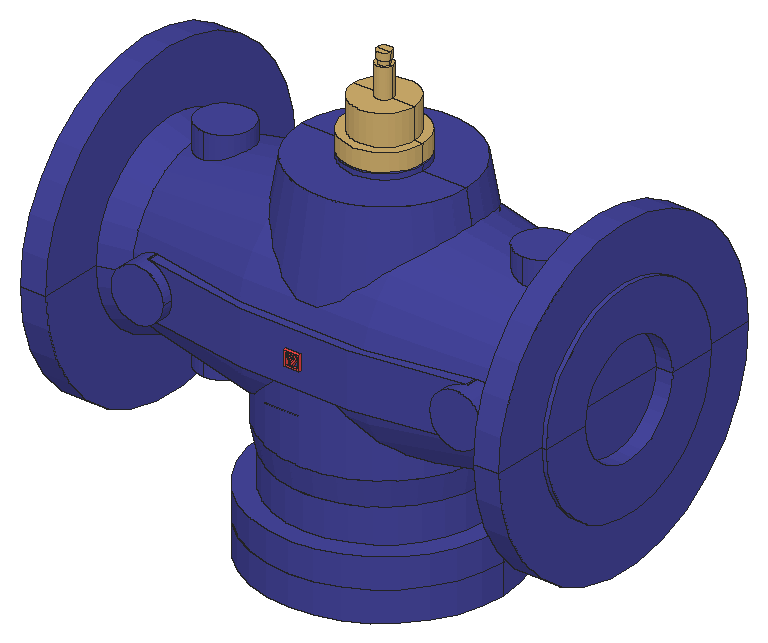
Revit family "Regelventil 4035_PN16", category Rohrzubehör, Revit 2019
Family settings
  Bemaßung runder Anschluss = Durchmesser verwenden
  Teiletyp = Unterbricht
  OmniClass-Nummer = 23.65.55.14
  OmniClass-Titel = Valves for Liquid Services
  Arbeitsebenenbasiert = Nein
  Immer vertikal = Ja
  Beim Laden mit Abzugskörper schneiden = Nein
  Gemeinsam genutzt = Nein
Parameters (values of type "kvs63")
  kvs63 = yes
  kvs6.3 = no
  kvs40 = no
  kvs4 = no
  kvs330 = no
  kvs250 = no
  kvs25 = no
  kvs2.5 = no
  kvs160 = no
  kvs16 = no
  kvs100 = no
  kvs10 = no
  kvs1.6 = no
  kvs1 = no
  Ventilsitz = "WN1.4021"  # constant formula
  Ventilkegel = "WN1.4021/Messing"  # constant formula
  Ventilcharakterisitk = "gleichprozentig"  # constant formula
  URL = "www.herz-armaturen.at"
  Spindel = "WN1.4404"  # constant formula
  SCTWSEQ = "FW;SBT_TYP_FW=\"101\";2"
  SCTWCODE = "04;05;02"  # constant formula
  SCRNSEQ = "ARM;ARM_TYP=\"DURR\";2"
  SCRNCODE = "05;06;02"  # constant formula
  R14 = 4 mm  # constant formula
  R13 = 3 mm  # constant formula
  R12 = 5 mm  # constant formula
  R11 [instance] = size_lookup("4035_PN16", "R11", 18 mm, Nennweite)  # 18 mm
  R10 [instance] = size_lookup("4035_PN16", "R10", 23 mm, Nennweite)  # 23 mm
  R09 [instance] = size_lookup("4035_PN16", "R9", 49 mm, Nennweite)  # 49 mm
  R08 [instance] = R00 + 3 mm  # 68 mm
  R07 [instance] = size_lookup("4035_PN16", "R7", 15.5 mm, Nennweite)  # 15.5 mm
  R06 [instance] = size_lookup("4035_PN16", "R6", 15.5 mm, Nennweite)  # 15.5 mm
  R05 [instance] = size_lookup("4035_PN16", "R5", 62.5 mm, Nennweite)  # 62.5 mm
  R04 [instance] = size_lookup("4035_PN16", "R4", 59.5 mm, Nennweite)  # 59.5 mm
  R03 [instance] = size_lookup("4035_PN16", "R3", 43 mm, Nennweite)  # 71 mm
  R02 [instance] = size_lookup("4035_PN16", "R2", 43 mm, Nennweite)  # 43 mm
  R01 [instance] = size_lookup("4035_PN16", "R1", 55.5 mm, Nennweite)  # 55.5 mm
  R00 [instance] = size_lookup("4035_PN16", "R", 65 mm, Nennweite)  # 65 mm
  PN = 16  # constant formula
  Nennweite [instance] = 65 mm
  Min. Betriebstemperatur = 5 °C
  Medium = "Wasserbeschaffenheit gemäß ÖNORM H 5195 und VDI 2035."
  Max. Betriebstemperatur = 150 °C
  Max. Betriebsdruck = 1600000.0 Pa
  LO1 [instance] = size_lookup("4035_PN16", "LO1", 28.5 mm, Nennweite)  # 68 mm
  L07 [instance] = L06 - R06  # 94.5 mm
  L06 [instance] = size_lookup("4035_PN16", "L6", 110 mm, Nennweite)  # 110 mm
  L05 [instance] = D00  # 92.5 mm
  L03 = 10 mm  # constant formula
  L02 [instance] = size_lookup("4035_PN16", "L2", 15 mm, Nennweite)  # 15 mm
  L01 = 3 mm  # constant formula
  L00 [instance] = size_lookup("4035_PN16", "L", 145 mm, Nennweite)  # 145 mm
  Hersteller = "Herz-Armaturen GmbH"  # constant formula
  H18 [instance] = 17.5 mm  # constant formula
  H15 = 4 mm  # constant formula
  H14 [instance] = size_lookup("4035_PN16", "H14", 17 mm, Nennweite)  # 17 mm
  H13 [instance] = size_lookup("4035_PN16", "H13", 18 mm, Nennweite)  # 18 mm
  H12 [instance] = size_lookup("4035_PN16", "H12", 10.5 mm, Nennweite)  # 10.5 mm
  H11 [instance] = size_lookup("4035_PN16", "H11", 52.5 mm, Nennweite)  # 52.5 mm
  H10 [instance] = size_lookup("4035_PN16", "H10", 135.4 mm, Nennweite)  # 135.4 mm
  H09 = 3 mm  # constant formula
  H08 [instance] = size_lookup("4035_PN16", "H8", 79 mm, Nennweite)  # 79 mm
  H07 [instance] = R00  # 65 mm
  H06 [instance] = size_lookup("4035_PN16", "H6", 59 mm, Nennweite)  # 59 mm
  H05 [instance] = size_lookup("4035_PN16", "H5", 20 mm, Nennweite)  # 20 mm
  H04 [instance] = size_lookup("4035_PN16", "H4", 17 mm, Nennweite)  # 17 mm
  H02 [instance] = size_lookup("4035_PN16", "H2", 38 mm, Nennweite)  # 38 mm
  H03 [instance] = size_lookup("4035_PN16", "H3", 112 mm, Nennweite)  # 112 mm
  H01 [instance] = size_lookup("4035_PN16", "H1", 14 mm, Nennweite)  # 18 mm
  Gewicht [instance] = size_lookup("4035_PN16", "Gewicht", 25, Nennweite)  # 25
  Gehäuse = "EN-GJL-250 (EN 1561)"  # constant formula
  Dichtungsmaterial = "70EPDM"  # constant formula
  DN80 [instance] = Nennweite = 80 mm  # no
  DN65 [instance] = Nennweite = 65 mm  # yes
  DN50 [instance] = Nennweite = 50 mm  # no
  DN40 [instance] = Nennweite = 40 mm  # no
  DN32 [instance] = Nennweite = 32 mm  # no
  DN25 [instance] = Nennweite = 25 mm  # no
  DN150 [instance] = Nennweite = 150 mm  # no
  DN15 [instance] = Nennweite = 15 mm  # no
  DN125 [instance] = Nennweite = 125 mm  # no
  DN100 [instance] = Nennweite = 100 mm  # no
  D02 [instance] = Nennweite / 2  # 32.5 mm
  D01 [instance] = size_lookup("4035_PN16", "D1", 61 mm, Nennweite)  # 61 mm
  D00 [instance] = size_lookup("4035_PN16", "D", 92.5 mm, Nennweite)  # 92.5 mm
  Bestellnummer [instance] = if(and(kvs1, Nennweite = 15 mm), 403501, if(and(kvs1.6, Nennweite = 15 mm), 403511, if(and(kvs2.5, Nennweite = 15 mm), 403521, if(and(kvs4, Nennweite = 15 mm), 403531, if(and(kvs6.3, Nennweite = 25 mm), 403503, if(and(kvs10, Nennweite = 25 mm), 403513, if(and(kvs16, Nennweite = 32 mm), 403504, if(and(kvs25, Nennweite = 40 mm), 403505, if(and(kvs40, Nennweite = 50 mm), 403516, if(and(kvs63, Nennweite = 65 mm), 403507, if(and(kvs100, Nennweite = 80 mm), 403508, if(and(kvs160, Nennweite = 100 mm), 403509, if(and(kvs250, Nennweite = 125 mm), 403510, if(and(kvs330, Nennweite = 150 mm), 403541, 0))))))))))))))  # 403507
  Description = ""
  Anwendungsgebiet = "Das Ventil kann in nahezu allen Heizungs-, Lüftungs- und Klimaanlagen sowie für industrielle und technologische\r\nProzesse eingesetzt werden. Das 3-Wege-Flanschventil ist als Mischventil konzipiert. Es kann zum Mischen oder\r\nzur Umschaltung zwischen zwei eintretenden Mediumsströmen verwendet werden. Die Ventilcharakteristik ist\r\ngleichprozentig. Das Regelungsverhältnis (Verhältnis zwischen nominalem und minimalem Durchfluss) beträgt 30:1. Die\r\nAuswahl des Dreiwege-Flanschventils erfolgt entsprechend dem Diagramm über die kvs-Werte."
  Anschlussflansch = "EN 1092-2"  # constant formula
Types (15, lengths in mm): name | kvs63 | kvs6.3 | kvs40 | kvs4 | kvs330 | kvs250 | kvs25 | kvs2.5 | kvs160 | kvs16 | kvs100 | kvs10 | kvs1.6 | kvs1 | R11 | R10 | R09 | R08 | R07 | R06 | R05 | R04 | R03 | R02 | R01 | R00 | Nennweite | LO1 | L07 | L06 | L05 | L02 | L00 | H14 | H13 | H12 | H11 | H10 | H08 | H07 | H06 | H05 | H04 | H02 | H03 | H01 | Gewicht | DN80 | DN65 | DN50 | DN40 | DN32 | DN25 | DN150 | DN15 | DN125 | DN100 | D02 | D01 | D00 | Bestellnummer | Anwendungsgebiet
  (no name) | yes | no | no | no | no | no | no | no | no | no | no | no | no | no | 18 | 23 | 49 | 68 | 15.5 | 15.5 | 62.5 | 59.5 | 71 | 43 | 55.5 | 65 | 65 | 68 | 94.5 | 110 | 92.5 | 15 | 145 | 17 | 18 | 10.5 | 52.5 | 135.4 | 79 | 65 | 59 | 20 | 17 | 38 | 112 | 18 | 25 | no | yes | no | no | no | no | no | no | no | no | 32.5 | 61 | 92.5 | 403507 | "Das Ventil kann in nahezu allen Heizungs-, Lüftungs- und Klimaanlagen sowie für industrielle und technologische\r\nProzesse eingesetzt werden. Das 3-Wege-Flanschventil ist als Mischventil konzipiert. Es kann zum Mischen oder\r\nzur Umschaltung zwischen zwei eintretenden Mediumsströmen verwendet werden. Die Ventilcharakteristik ist\r\ngleichprozentig. Das Regelungsverhältnis (Verhältnis zwischen nominalem und minimalem Durchfluss) beträgt 30:1. Die\r\nAuswahl des Dreiwege-Flanschventils erfolgt entsprechend dem Diagramm über die kvs-Werte."
  kvs1 | no | no | no | no | no | no | no | no | no | no | no | no | no | yes | 10 | 15 | 19.5 | 29.5 | 6 | 6 | 24 | 21 | 32.5 | 14 | 17 | 26.5 | 15 | 27.5 | 34 | 40 | 47.5 | 11 | 65 | 13 | 14 | 6.8 | 40.8 | 80.3 | 36.5 | 26.5 | 24.5 | 5 | 13 | 11 | 49 | 14 | 5 | no | no | no | no | no | no | no | yes | no | no | 7.5 | 22.5 | 47.5 | 403501 | "Das Ventil kann in nahezu allen Heizungs-, Lüftungs- und Klimaanlagen sowie in industriellen und technologischen\r\nProzessen eingesetzt werden. Die Ventilcharakteristik ist gleichprozentig. Das Regelungsverhältnis (Verhältnis\r\nzwischen nominalem und minimalem Durchfluss) beträgt 30:1. Die Auswahl des 2-Wege-Flanschventils erfolgt mittels\r\nentsprechendem Diagramm über die kvs-Werte."
  kvs1.6 | no | no | no | no | no | no | no | no | no | no | no | no | yes | no | 10 | 15 | 19.5 | 29.5 | 6 | 6 | 24 | 21 | 32.5 | 14 | 17 | 26.5 | 15 | 27.5 | 34 | 40 | 47.5 | 11 | 65 | 13 | 14 | 6.8 | 40.8 | 80.3 | 36.5 | 26.5 | 24.5 | 5 | 13 | 11 | 49 | 14 | 5 | no | no | no | no | no | no | no | yes | no | no | 7.5 | 22.5 | 47.5 | 403511 | "Das Ventil kann in nahezu allen Heizungs-, Lüftungs- und Klimaanlagen sowie für industrielle und technologische\r\nProzesse eingesetzt werden. Das 3-Wege-Flanschventil ist als Mischventil konzipiert. Es kann zum Mischen oder\r\nzur Umschaltung zwischen zwei eintretenden Mediumsströmen verwendet werden. Die Ventilcharakteristik ist\r\ngleichprozentig. Das Regelungsverhältnis (Verhältnis zwischen nominalem und minimalem Durchfluss) beträgt 30:1. Die\r\nAuswahl des Dreiwege-Flanschventils erfolgt entsprechend dem Diagramm über die kvs-Werte."
  kvs2.5 | no | no | no | no | no | no | no | yes | no | no | no | no | no | no | 10 | 15 | 19.5 | 29.5 | 6 | 6 | 24 | 21 | 32.5 | 14 | 17 | 26.5 | 15 | 27.5 | 34 | 40 | 47.5 | 11 | 65 | 13 | 14 | 6.8 | 40.8 | 80.3 | 36.5 | 26.5 | 24.5 | 5 | 13 | 11 | 49 | 14 | 5 | no | no | no | no | no | no | no | yes | no | no | 7.5 | 22.5 | 47.5 | 403521 | "Das Ventil kann in nahezu allen Heizungs-, Lüftungs- und Klimaanlagen sowie für industrielle und technologische\r\nProzesse eingesetzt werden. Das 3-Wege-Flanschventil ist als Mischventil konzipiert. Es kann zum Mischen oder\r\nzur Umschaltung zwischen zwei eintretenden Mediumsströmen verwendet werden. Die Ventilcharakteristik ist\r\ngleichprozentig. Das Regelungsverhältnis (Verhältnis zwischen nominalem und minimalem Durchfluss) beträgt 30:1. Die\r\nAuswahl des Dreiwege-Flanschventils erfolgt entsprechend dem Diagramm über die kvs-Werte."
  kvs4 | no | no | no | yes | no | no | no | no | no | no | no | no | no | no | 10 | 15 | 19.5 | 29.5 | 6 | 6 | 24 | 21 | 32.5 | 14 | 17 | 26.5 | 15 | 27.5 | 34 | 40 | 47.5 | 11 | 65 | 13 | 14 | 6.8 | 40.8 | 80.3 | 36.5 | 26.5 | 24.5 | 5 | 13 | 11 | 49 | 14 | 5 | no | no | no | no | no | no | no | yes | no | no | 7.5 | 22.5 | 47.5 | 403531 | "Das Ventil kann in nahezu allen Heizungs-, Lüftungs- und Klimaanlagen sowie für industrielle und technologische\r\nProzesse eingesetzt werden. Das 3-Wege-Flanschventil ist als Mischventil konzipiert. Es kann zum Mischen oder\r\nzur Umschaltung zwischen zwei eintretenden Mediumsströmen verwendet werden. Die Ventilcharakteristik ist\r\ngleichprozentig. Das Regelungsverhältnis (Verhältnis zwischen nominalem und minimalem Durchfluss) beträgt 30:1. Die\r\nAuswahl des Dreiwege-Flanschventils erfolgt entsprechend dem Diagramm über die kvs-Werte."
  kvs6.3 | no | yes | no | no | no | no | no | no | no | no | no | no | no | no | 10 | 15 | 19.5 | 41 | 7 | 7 | 35.5 | 32.5 | 44 | 19.5 | 28.5 | 38 | 25 | 40 | 45 | 52 | 57.5 | 13 | 80 | 13 | 14 | 6.8 | 40.8 | 88.3 | 44.5 | 38 | 35 | 5 | 15 | 3 | 64 | 16 | 8 | no | no | no | no | no | yes | no | no | no | no | 12.5 | 34 | 57.5 | 403503 | "Das Ventil kann in nahezu allen Heizungs-, Lüftungs- und Klimaanlagen sowie für industrielle und technologische\r\nProzesse eingesetzt werden. Das 3-Wege-Flanschventil ist als Mischventil konzipiert. Es kann zum Mischen oder\r\nzur Umschaltung zwischen zwei eintretenden Mediumsströmen verwendet werden. Die Ventilcharakteristik ist\r\ngleichprozentig. Das Regelungsverhältnis (Verhältnis zwischen nominalem und minimalem Durchfluss) beträgt 30:1. Die\r\nAuswahl des Dreiwege-Flanschventils erfolgt entsprechend dem Diagramm über die kvs-Werte."
  kvs10 | no | no | no | no | no | no | no | no | no | no | no | yes | no | no | 10 | 15 | 19.5 | 41 | 7 | 7 | 35.5 | 32.5 | 44 | 19.5 | 28.5 | 38 | 25 | 40 | 45 | 52 | 57.5 | 13 | 80 | 13 | 14 | 6.8 | 40.8 | 88.3 | 44.5 | 38 | 35 | 5 | 15 | 3 | 64 | 16 | 8 | no | no | no | no | no | yes | no | no | no | no | 12.5 | 34 | 57.5 | 403513 | "Das Ventil kann in nahezu allen Heizungs-, Lüftungs- und Klimaanlagen sowie für industrielle und technologische\r\nProzesse eingesetzt werden. Das 3-Wege-Flanschventil ist als Mischventil konzipiert. Es kann zum Mischen oder\r\nzur Umschaltung zwischen zwei eintretenden Mediumsströmen verwendet werden. Die Ventilcharakteristik ist\r\ngleichprozentig. Das Regelungsverhältnis (Verhältnis zwischen nominalem und minimalem Durchfluss) beträgt 30:1. Die\r\nAuswahl des Dreiwege-Flanschventils erfolgt entsprechend dem Diagramm über die kvs-Werte."
  kvs16 | no | no | no | no | no | no | no | no | no | yes | no | no | no | no | 10 | 15 | 20.5 | 46 | 9 | 9 | 40.5 | 37.5 | 49 | 24.5 | 33.5 | 43 | 32 | 45 | 51 | 60 | 70 | 13 | 90 | 17 | 18 | 10.5 | 52.5 | 102 | 46.5 | 43 | 39 | 15 | 15 | 4 | 84 | 16 | 11.5 | no | no | no | no | yes | no | no | no | no | no | 16 | 39 | 70 | 403504 | "Das Ventil kann in nahezu allen Heizungs-, Lüftungs- und Klimaanlagen sowie für industrielle und technologische\r\nProzesse eingesetzt werden. Das 3-Wege-Flanschventil ist als Mischventil konzipiert. Es kann zum Mischen oder\r\nzur Umschaltung zwischen zwei eintretenden Mediumsströmen verwendet werden. Die Ventilcharakteristik ist\r\ngleichprozentig. Das Regelungsverhältnis (Verhältnis zwischen nominalem und minimalem Durchfluss) beträgt 30:1. Die\r\nAuswahl des Dreiwege-Flanschventils erfolgt entsprechend dem Diagramm über die kvs-Werte."
  kvs25 | no | no | no | no | no | no | yes | no | no | no | no | no | no | no | 10 | 15 | 20.5 | 51 | 12 | 12 | 45.5 | 42.5 | 54 | 29 | 38.5 | 48 | 40 | 50 | 56 | 68 | 75 | 13 | 100 | 17 | 18 | 10.5 | 52.5 | 112 | 56.5 | 48 | 43 | 20 | 15 | 1 | 94 | 16 | 13 | no | no | no | yes | no | no | no | no | no | no | 20 | 44 | 75 | 403505 | "Das Ventil kann in nahezu allen Heizungs-, Lüftungs- und Klimaanlagen sowie für industrielle und technologische\r\nProzesse eingesetzt werden. Das 3-Wege-Flanschventil ist als Mischventil konzipiert. Es kann zum Mischen oder\r\nzur Umschaltung zwischen zwei eintretenden Mediumsströmen verwendet werden. Die Ventilcharakteristik ist\r\ngleichprozentig. Das Regelungsverhältnis (Verhältnis zwischen nominalem und minimalem Durchfluss) beträgt 30:1. Die\r\nAuswahl des Dreiwege-Flanschventils erfolgt entsprechend dem Diagramm über die kvs-Werte."
  kvs63 | yes | no | no | no | no | no | no | no | no | no | no | no | no | no | 18 | 23 | 49 | 68 | 15.5 | 15.5 | 62.5 | 59.5 | 71 | 43 | 55.5 | 65 | 65 | 68 | 94.5 | 110 | 92.5 | 15 | 145 | 17 | 18 | 10.5 | 52.5 | 135.4 | 79 | 65 | 59 | 20 | 17 | 38 | 112 | 18 | 25 | no | yes | no | no | no | no | no | no | no | no | 32.5 | 61 | 92.5 | 403507 | "Das Ventil kann in nahezu allen Heizungs-, Lüftungs- und Klimaanlagen sowie für industrielle und technologische\r\nProzesse eingesetzt werden. Das 3-Wege-Flanschventil ist als Mischventil konzipiert. Es kann zum Mischen oder\r\nzur Umschaltung zwischen zwei eintretenden Mediumsströmen verwendet werden. Die Ventilcharakteristik ist\r\ngleichprozentig. Das Regelungsverhältnis (Verhältnis zwischen nominalem und minimalem Durchfluss) beträgt 30:1. Die\r\nAuswahl des Dreiwege-Flanschventils erfolgt entsprechend dem Diagramm über die kvs-Werte."
  kvs100 | no | no | no | no | no | no | no | no | no | no | yes | no | no | no | 18 | 23 | 49 | 76 | 15.5 | 15.5 | 70.5 | 67.5 | 79 | 51 | 63.5 | 73 | 80 | 77 | 99.5 | 115 | 100 | 17 | 155 | 17 | 18 | 10.5 | 52.5 | 168.5 | 113 | 73 | 65 | 20 | 19 | 46 | 125 | 20 | 31 | yes | no | no | no | no | no | no | no | no | no | 40 | 69 | 100 | 403508 | "Das Ventil kann in nahezu allen Heizungs-, Lüftungs- und Klimaanlagen sowie für industrielle und technologische\r\nProzesse eingesetzt werden. Das 3-Wege-Flanschventil ist als Mischventil konzipiert. Es kann zum Mischen oder\r\nzur Umschaltung zwischen zwei eintretenden Mediumsströmen verwendet werden. Die Ventilcharakteristik ist\r\ngleichprozentig. Das Regelungsverhältnis (Verhältnis zwischen nominalem und minimalem Durchfluss) beträgt 30:1. Die\r\nAuswahl des Dreiwege-Flanschventils erfolgt entsprechend dem Diagramm über die kvs-Werte."
  kvs160 | no | no | no | no | no | no | no | no | yes | no | no | no | no | no | 30 | 35 | 61 | 86 | 20.5 | 20.5 | 80.5 | 77.5 | 89 | 61 | 73.5 | 83 | 100 | 88 | 112.5 | 133 | 110 | 17 | 175 | 21 | 22 | 14.2 | 64.2 | 189.7 | 122.5 | 83 | 73 | 25 | 19 | 65 | 135 | 20 | 46 | no | no | no | no | no | no | no | no | no | yes | 50 | 79 | 110 | 403509 | "Das Ventil kann in nahezu allen Heizungs-, Lüftungs- und Klimaanlagen sowie für industrielle und technologische\r\nProzesse eingesetzt werden. Das 3-Wege-Flanschventil ist als Mischventil konzipiert. Es kann zum Mischen oder\r\nzur Umschaltung zwischen zwei eintretenden Mediumsströmen verwendet werden. Die Ventilcharakteristik ist\r\ngleichprozentig. Das Regelungsverhältnis (Verhältnis zwischen nominalem und minimalem Durchfluss) beträgt 30:1. Die\r\nAuswahl des Dreiwege-Flanschventils erfolgt entsprechend dem Diagramm über die kvs-Werte."
  kvs250 | no | no | no | no | no | yes | no | no | no | no | no | no | no | no | 30 | 35 | 61 | 101 | 20.5 | 20.5 | 95.5 | 92.5 | 104 | 76 | 88.5 | 98 | 125 | 103 | 134.5 | 155 | 125 | 19 | 200 | 21 | 22 | 14.2 | 64.2 | 231 | 163.5 | 98 | 80 | 30 | 21 | 44 | 158 | 21 | 72 | no | no | no | no | no | no | no | no | yes | no | 62.5 | 94 | 125 | 403510 | "Das Ventil kann in nahezu allen Heizungs-, Lüftungs- und Klimaanlagen sowie für industrielle und technologische\r\nProzesse eingesetzt werden. Das 3-Wege-Flanschventil ist als Mischventil konzipiert. Es kann zum Mischen oder\r\nzur Umschaltung zwischen zwei eintretenden Mediumsströmen verwendet werden. Die Ventilcharakteristik ist\r\ngleichprozentig. Das Regelungsverhältnis (Verhältnis zwischen nominalem und minimalem Durchfluss) beträgt 30:1. Die\r\nAuswahl des Dreiwege-Flanschventils erfolgt entsprechend dem Diagramm über die kvs-Werte."
  kvs330 | no | no | no | no | yes | no | no | no | no | no | no | no | no | no | 30 | 35 | 61 | 113 | 20.5 | 20.5 | 107.5 | 104.5 | 116 | 88 | 100.5 | 110 | 150 | 115 | 174.5 | 195 | 142.5 | 19 | 240 | 21 | 22 | 14.2 | 64.2 | 237.5 | 170 | 110 | 85 | 25 | 21 | 42 | 153 | 21 | 91 | no | no | no | no | no | no | yes | no | no | no | 75 | 106 | 142.5 | 403541 | "Das Ventil kann in nahezu allen Heizungs-, Lüftungs- und Klimaanlagen sowie für industrielle und technologische\r\nProzesse eingesetzt werden. Das 3-Wege-Flanschventil ist als Mischventil konzipiert. Es kann zum Mischen oder\r\nzur Umschaltung zwischen zwei eintretenden Mediumsströmen verwendet werden. Die Ventilcharakteristik ist\r\ngleichprozentig. Das Regelungsverhältnis (Verhältnis zwischen nominalem und minimalem Durchfluss) beträgt 30:1. Die\r\nAuswahl des Dreiwege-Flanschventils erfolgt entsprechend dem Diagramm über die kvs-Werte."
  Kvs40 | no | no | yes | no | no | no | no | no | no | no | no | no | no | no | 18 | 23 | 49 | 56 | 13.5 | 13.5 | 52.5 | 49.5 | 61 | 34 | 45.5 | 53 | 50 | 56 | 66.5 | 80 | 82.5 | 15 | 115 | 17 | 18 | 10.5 | 52.5 | 122 | 66.5 | 53 | 43 | 1 | 15 | 42 | 67 | 18 | 16 | no | no | yes | no | no | no | no | no | no | no | 25 | 51 | 82.5 | 403516 | "Das Ventil kann in nahezu allen Heizungs-, Lüftungs- und Klimaanlagen sowie in industriellen und technologischen\r\nProzessen eingesetzt werden. Die Ventilcharakteristik ist gleichprozentig. Das Regelungsverhältnis (Verhältnis\r\nzwischen nominalem und minimalem Durchfluss) beträgt 30:1. Die Auswahl des 2-Wege-Flanschventils erfolgt mittels\r\nentsprechendem Diagramm über die kvs-Werte."
Reference planes
  plane 1 "Mitte (Vorne/hinten)": y = 0
  plane 2: z = 0
  plane 3 "Mitte (Links/rechts)": x = 0
Forms (mm)
  Revolve 1, solid, material "kunststoff-BLAU", detail levels fine
    sketch origin (1065, 0, 0) x (1, 0, 0) y (0, 1, 0)
      loop
        line (-1207, 61) -> (-1210, 61) -> (-1210, 32.5) -> (-1200, 32.5) -> (-1200, 0) -> (-930, 0) -> (-930, 32.5) -> (-920, 32.5) -> (-920, 61) -> (-923, 61) -> (-923, 92.5) -> (-938, 92.5) -> (-938, 55.5) -> (-955, 49.943)
        arc (-955, 49.943) -> (-1065, 65) -> (-1175, 49.943) r 409.331
        line (-1175, 49.943) -> (-1192, 55.5) -> (-1192, 92.5) -> (-1207, 92.5) -> (-1207, 61)
      axis (-920, 0) -> (-1210, 0)
    angle from 0 to 360
  Extrusion 2, solid, material "kunststoff-BLAU", detail levels fine
    sketch origin (0, 0, 0) x (-1, 0, 0) y (0, 0, -1)
      loop
        circle (94.5, 0) r 15.5
      loop
        circle (-94.5, 0) r 15.5
    from -65 to 65
  Extrusion 3, solid, material "kunststoff-BLAU", visible <- "DN65", detail levels fine
    sketch origin (0, 0, 0) x (1, 0, 0) y (0, 1, 0)
      loop
        arc (-95, -56.907) -> (0, -68) -> (95, -56.907) r 412.331
        line (95, -56.907) -> (95, 56.907)
        arc (95, 56.907) -> (0, 68) -> (-95, 56.907) r 412.331
        line (-95, 56.907) -> (-95, -56.907)
    from -15.5 to 15.5
  Revolve 4, solid, material "kunststoff-BLAU", detail levels fine
    sketch origin (0, 0, 0) x (1, 0, 0) y (0, 0, 1)
      loop
        line (-49, 79) -> (-62.5, 0) -> (0, 0) -> (0, 82) -> (-23, 82) -> (-23, 79) -> (-49, 79)
      axis (0, 82) -> (0, 0)
    angle from 0 to 360
  Revolve 5, solid, material "kunststoff-BLAU", detail levels fine
    sketch origin (0, 0, 0) x (1, 0, 0) y (0, 0, 1)
      loop
        line (0, 0) -> (-62.5, 0) -> (-62.5, -59) -> (-59.5, -74.5) -> (-59.5, -94.5) -> (-71, -94.5) -> (-71, -112) -> (0, -112) -> (0, 0)
      axis (0, 0) -> (0, -112)
    angle from 0 to 360
  Revolve 6, solid, material "kunststoff-BLAU", detail levels fine
    sketch origin (0, 0, 0) x (1, 0, 0) y (0, 0, 1)
      loop
        line (0, -112) -> (-71, -112) -> (-71, -130) -> (0, -130) -> (0, -112)
      axis (0, -112) -> (0, -130)
    angle from 0 to 360
  Extrusion 7, solid, material "kunststoff-BLAU", detail levels fine
    sketch origin (0, 0, 0) x (0, -1, 0) y (1, 0, 0)
      loop
        circle (0, -94.5) r 15.5
      loop
        circle (0, 94.5) r 15.5
    from -65 to 65
  Extrusion 8, solid, material "kunststoff-BLAU", visible <- "DN150", detail levels fine
    sketch origin (0, 0, 0) x (1, 0, 0) y (0, 1, 0)
      loop
        arc (-179.5, -78.475) -> (0, -115) -> (179.5, -78.475) r 459.331
        line (179.5, -78.475) -> (179.5, 78.475)
        arc (179.5, 78.475) -> (0, 115) -> (-179.5, 78.475) r 459.331
        line (-179.5, 78.475) -> (-179.5, -78.475)
    from -20.5 to 20.5
  Extrusion 9, solid, material "kunststoff-BLAU", visible <- "DN125", detail levels fine
    sketch origin (0, 0, 0) x (1, 0, 0) y (0, 1, 0)
      loop
        arc (-134.5, -82.301) -> (0, -103) -> (134.5, -82.301) r 447.331
        line (134.5, -82.301) -> (134.5, 82.301)
        arc (134.5, 82.301) -> (0, 103) -> (-134.5, 82.301) r 447.331
        line (-134.5, 82.301) -> (-134.5, -82.301)
    from -20.5 to 20.5
  Extrusion 10, solid, material "kunststoff-BLAU", visible <- "DN100", detail levels fine
    sketch origin (0, 0, 0) x (1, 0, 0) y (0, 1, 0)
      loop
        arc (-112.5, -73.106) -> (0, -88) -> (112.5, -73.106) r 432.331
        line (112.5, -73.106) -> (112.5, 73.106)
        arc (112.5, 73.106) -> (0, 88) -> (-112.5, 73.106) r 432.331
        line (-112.5, 73.106) -> (-112.5, -73.106)
    from -20.5 to 20.5
  Extrusion 11, solid, material "kunststoff-BLAU", visible <- "DN80", detail levels fine
    sketch origin (0, 0, 0) x (1, 0, 0) y (0, 1, 0)
      loop
        line (99.5, -65.083) -> (99.5, 65.083)
        arc (99.5, 65.083) -> (0, 77) -> (-99.5, 65.083) r 421.331
        line (-99.5, 65.083) -> (-99.5, -65.083)
        arc (-99.5, -65.083) -> (0, -77) -> (99.5, -65.083) r 421.331
    from -15.5 to 15.5
  Extrusion 12, solid, material "kunststoff-BLAU", visible <- "DN50", detail levels fine
    sketch origin (0, 0, 0) x (1, 0, 0) y (0, 1, 0)
      loop
        arc (-66.5, -50.44) -> (0, -56.006) -> (66.5, -50.44) r 400.05
        line (66.5, -50.44) -> (66.5, 50.44)
        arc (66.5, 50.44) -> (0, 56.006) -> (-66.5, 50.44) r 400.05
        line (-66.5, 50.44) -> (-66.5, -50.44)
    from -13.5 to 13.5
  Extrusion 13, solid, material "kunststoff-BLAU", visible <- "DN40", detail levels fine
    sketch origin (0, 0, 0) x (1, 0, 0) y (0, 1, 0)
      loop
        arc (-56, -46.003) -> (0, -50) -> (56, -46.003) r 394.331
        line (56, -46.003) -> (56, 46.003)
        arc (56, 46.003) -> (0, 50) -> (-56, 46.003) r 394.331
        line (-56, 46.003) -> (-56, -46.003)
    from -12 to 12
  Extrusion 14, solid, material "kunststoff-BLAU", visible <- "DN32", detail levels fine
    sketch origin (0, 0, 0) x (1, 0, 0) y (0, 1, 0)
      loop
        arc (-51, -41.645) -> (0, -45) -> (51, -41.645) r 389.331
        line (51, -41.645) -> (51, 41.645)
        arc (51, 41.645) -> (0, 45) -> (-51, 41.645) r 389.331
        line (-51, 41.645) -> (-51, -41.645)
    from -9 to 9
  Extrusion 15, solid, material "kunststoff-BLAU", visible <- "DN25", detail levels fine
    sketch origin (0, 0, 0) x (1, 0, 0) y (0, 1, 0)
      loop
        line (45, -37.356) -> (45, 37.356)
        arc (45, 37.356) -> (0, 40) -> (-45, 37.356) r 384.331
        line (-45, 37.356) -> (-45, -37.356)
        arc (-45, -37.356) -> (0, -40) -> (45, -37.356) r 384.331
    from -7 to 7
  Extrusion 16, solid, material "kunststoff-BLAU", visible <- "DN15", detail levels fine
    sketch origin (0, 0, 0) x (1, 0, 0) y (0, 1, 0)
      loop
        line (-34, 25.942) -> (-34, -25.942)
        arc (-34, -25.942) -> (0, -27.5) -> (34, -25.942) r 371.831
        line (34, -25.942) -> (34, 25.942)
        arc (34, 25.942) -> (0, 27.5) -> (-34, 25.942) r 371.831
    from -6 to 6
  Revolve 17, solid, material "Messing-poliert", detail levels fine
    sketch origin (0, 0, 0) x (1, 0, 0) y (0, 0, 1)
      loop
        line (-23, 93.4) -> (-23, 82.9) -> (0, 82.9) -> (0, 135.4) -> (-4, 135.4) -> (-4, 131.4) -> (-3, 131.4) -> (-3, 128.4) -> (-5, 128.4) -> (-5, 111.4) -> (-18, 111.4) -> (-18, 93.4) -> (-23, 93.4)
      axis (0, 135.4) -> (0, 82.9)
    angle from 0 to 360
Lines and regions (mm)
  model lines, detail levels coarse+medium
    curve 1: line (145, 0, 92.5) -> (145, 0, -92.5)
    curve 2: line (145, 0, -92.5) -> (-145, 0, 92.5)
    curve 3: line (-145, 0, 92.5) -> (-145, 0, -92.5)
    curve 4: line (-145, 0, -92.5) -> (145, 0, 92.5)
    curve 5: line (145, 92.5, 0) -> (145, -92.5, 0)
    curve 6: line (145, -92.5, 0) -> (-145, 92.5, 0)
    curve 7: line (-145, 92.5, 0) -> (-145, -92.5, 0)
    curve 8: line (-145, -92.5, 0) -> (145, 92.5, 0)
Dimensions and locks
  "L00": Revolve 1 sketch curve to plane 3 "Mitte (Links/rechts)" to Revolve 1 sketch curve
  "D00": plane 1 "Mitte (Vorne/hinten)" to Revolve 1 sketch curve  (x2)
  "D02": plane 1 "Mitte (Vorne/hinten)" to Revolve 1 sketch curve  (x2)
  "L01": Revolve 1 sketch curve to Revolve 1 sketch curve  (x2)
  "L02": Revolve 1 sketch curve to Revolve 1 sketch curve  (x2)
  "D01": plane 1 "Mitte (Vorne/hinten)" to Revolve 1 sketch curve  (x2)
  "R01": plane 1 "Mitte (Vorne/hinten)" to Revolve 1 sketch curve  (x2)
  "R00": Revolve 1 sketch curve to Revolve 1 sketch curve
  "L03": Revolve 1 sketch curve to Revolve 1 sketch curve  (x2)
  "H01": Revolve 6 sketch curve to Revolve 6 sketch curve
  "R03": plane 3 "Mitte (Links/rechts)" to Revolve 6 sketch curve
  "R03": Revolve 5 sketch curve to Revolve 5 sketch curve
  "H03": plane 2 to Revolve 5 sketch curve
  "H06": Revolve 5 sketch curve to Revolve 5 sketch curve
  "R04": Revolve 5 sketch curve to Revolve 5 sketch curve
  "R05": Revolve 5 sketch curve to Revolve 5 sketch curve
  "H05": Revolve 5 sketch curve to Revolve 5 sketch curve
  "L06": Revolve 1 sketch curve to plane 3 "Mitte (Links/rechts)" to Revolve 1 sketch curve
  "H03": plane 2 to Revolve 6 sketch curve
  "R09": Revolve 4 sketch curve to Revolve 4 sketch curve
  "R05": Revolve 4 sketch curve to Revolve 4 sketch curve
  "H07": Extrusion 7 to plane 2 to Extrusion 7  (x2)
  "L07": plane 3 "Mitte (Links/rechts)" to Extrusion 7 sketch curve
  "L07": Extrusion 7 sketch curve to plane 3 "Mitte (Links/rechts)"
  "H07": Extrusion 2 to plane 1 "Mitte (Vorne/hinten)"  (x3)
  "L07": plane 3 "Mitte (Links/rechts)" to Extrusion 2 sketch curve
  "L07": Extrusion 2 sketch curve to plane 3 "Mitte (Links/rechts)"
  "H07": plane 1 "Mitte (Vorne/hinten)" to Extrusion 2
  "H08": Revolve 4 sketch curve to plane 2
  "H09": Revolve 4 sketch curve to Revolve 4 sketch curve
  "R10": plane 3 "Mitte (Links/rechts)" to Revolve 4 sketch curve
  "H11": Revolve 17 sketch curve to Revolve 17 sketch curve
  "H10": Revolve 17 sketch curve to plane 2
  "R10": plane 3 "Mitte (Links/rechts)" to Revolve 17 sketch curve
  "H12": Revolve 17 sketch curve to Revolve 17 sketch curve
  "H13": Revolve 17 sketch curve to Revolve 17 sketch curve
  "H14": Revolve 17 sketch curve to Revolve 17 sketch curve
  "H15": Revolve 17 sketch curve to Revolve 17 sketch curve
  "R14": plane 3 "Mitte (Links/rechts)" to Revolve 17 sketch curve
  "R13": plane 3 "Mitte (Links/rechts)" to Revolve 17 sketch curve
  "R11": plane 3 "Mitte (Links/rechts)" to Revolve 17 sketch curve
  "R12": plane 3 "Mitte (Links/rechts)" to Revolve 17 sketch curve
  "LO1": nested 1 to plane 1 "Mitte (Vorne/hinten)"
  "H18": Revolve 5 sketch curve to Revolve 6
  "D00": curve 3 to plane 2 to curve 4
  "D00": curve 4 to plane 2 to curve 2
  "L00": curve 3 to plane 3 "Mitte (Links/rechts)" to curve 1
  "D00": curve 8 to plane 1 "Mitte (Vorne/hinten)" to curve 7
  "D00": curve 5 to plane 1 "Mitte (Vorne/hinten)" to curve 8
  "L00": curve 7 to plane 3 "Mitte (Links/rechts)" to curve 5
  "R06": radius of Extrusion 7 sketch curve  (x2)
  "R07": radius of Extrusion 2 sketch curve  (x2)
  aligned and locked: level to plane 2
Automatic sketch dimensions
  Extrusion 3 sketch curve to plane 1 "Mitte (Vorne/hinten)" = 56.907 mm  (x2)
  Extrusion 3 sketch curve to plane 3 "Mitte (Links/rechts)" = 0 mm  (x2)
  Extrusion 3 sketch curve to Extrusion 3 sketch curve = 113.814 mm
  Extrusion 3 sketch curve to Extrusion 3 sketch curve = 287.425 mm
  Extrusion 3 sketch curve to plane 1 "Mitte (Vorne/hinten)" = 344.331 mm
  plane 3 "Mitte (Links/rechts)" to Extrusion 3 sketch curve = 95 mm
  Extrusion 8 sketch curve to plane 3 "Mitte (Links/rechts)" = 0 mm  (x2)
  Extrusion 8 sketch curve to plane 1 "Mitte (Vorne/hinten)" = 78.475 mm  (x2)
  plane 1 "Mitte (Vorne/hinten)" to Extrusion 8 sketch curve = 78.475 mm
  Extrusion 8 sketch curve to plane 3 "Mitte (Links/rechts)" = 179.5 mm
  Extrusion 8 sketch curve to Extrusion 8 sketch curve = 265.857 mm
  Extrusion 8 sketch curve to plane 1 "Mitte (Vorne/hinten)" = 344.331 mm
  plane 3 "Mitte (Links/rechts)" to Extrusion 9 sketch curve = 134.5 mm
  plane 1 "Mitte (Vorne/hinten)" to Extrusion 9 sketch curve = 82.301 mm  (x2)
  Extrusion 9 sketch curve to plane 3 "Mitte (Links/rechts)" = 0 mm  (x2)
  Extrusion 9 sketch curve to Extrusion 9 sketch curve = 262.031 mm  (x2)
  Extrusion 9 sketch curve to plane 1 "Mitte (Vorne/hinten)" = 82.301 mm
  Extrusion 10 sketch curve to plane 3 "Mitte (Links/rechts)" = 0 mm  (x2)
  plane 1 "Mitte (Vorne/hinten)" to Extrusion 10 sketch curve = 73.106 mm
  Extrusion 10 sketch curve to plane 3 "Mitte (Links/rechts)" = 112.5 mm
  Extrusion 10 sketch curve to Extrusion 10 sketch curve = 271.225 mm
  Extrusion 10 sketch curve to plane 1 "Mitte (Vorne/hinten)" = 344.331 mm
  Extrusion 10 sketch curve to plane 1 "Mitte (Vorne/hinten)" = 73.106 mm  (x2)
  Extrusion 11 sketch curve to plane 3 "Mitte (Links/rechts)" = 0 mm  (x2)
  plane 1 "Mitte (Vorne/hinten)" to Extrusion 11 sketch curve = 65.083 mm  (x2)
  Extrusion 11 sketch curve to plane 3 "Mitte (Links/rechts)" = 99.5 mm
  Extrusion 11 sketch curve to Extrusion 11 sketch curve = 279.249 mm
  Extrusion 11 sketch curve to plane 1 "Mitte (Vorne/hinten)" = 344.331 mm
  Extrusion 11 sketch curve to plane 1 "Mitte (Vorne/hinten)" = 65.083 mm
  Extrusion 12 sketch curve to plane 3 "Mitte (Links/rechts)" = 0 mm  (x2)
  Extrusion 12 sketch curve to plane 3 "Mitte (Links/rechts)" = 66.5 mm
  plane 3 "Mitte (Links/rechts)" to Extrusion 12 sketch curve = 66.5 mm
  plane 1 "Mitte (Vorne/hinten)" to Extrusion 12 sketch curve = 344.044 mm
  plane 1 "Mitte (Vorne/hinten)" to Extrusion 12 sketch curve = 50.44 mm
  Extrusion 12 sketch curve to plane 1 "Mitte (Vorne/hinten)" = 50.44 mm
  Extrusion 12 sketch curve to Extrusion 12 sketch curve = 293.604 mm
  Extrusion 13 sketch curve to plane 3 "Mitte (Links/rechts)" = 0 mm  (x2)
  Extrusion 13 sketch curve to plane 3 "Mitte (Links/rechts)" = 56 mm
  plane 3 "Mitte (Links/rechts)" to Extrusion 13 sketch curve = 56 mm
  plane 1 "Mitte (Vorne/hinten)" to Extrusion 13 sketch curve = 344.331 mm
  plane 1 "Mitte (Vorne/hinten)" to Extrusion 13 sketch curve = 46.003 mm
  Extrusion 13 sketch curve to plane 1 "Mitte (Vorne/hinten)" = 46.003 mm
  Extrusion 13 sketch curve to Extrusion 13 sketch curve = 298.328 mm
  Extrusion 14 sketch curve to plane 3 "Mitte (Links/rechts)" = 0 mm  (x2)
  Extrusion 14 sketch curve to plane 3 "Mitte (Links/rechts)" = 51 mm
  plane 3 "Mitte (Links/rechts)" to Extrusion 14 sketch curve = 51 mm
  plane 1 "Mitte (Vorne/hinten)" to Extrusion 14 sketch curve = 344.331 mm
  plane 1 "Mitte (Vorne/hinten)" to Extrusion 14 sketch curve = 41.645 mm
  Extrusion 14 sketch curve to plane 1 "Mitte (Vorne/hinten)" = 41.645 mm
  Extrusion 14 sketch curve to Extrusion 14 sketch curve = 302.686 mm
  Extrusion 15 sketch curve to plane 3 "Mitte (Links/rechts)" = 0 mm  (x2)
  Extrusion 15 sketch curve to plane 3 "Mitte (Links/rechts)" = 45 mm
  plane 3 "Mitte (Links/rechts)" to Extrusion 15 sketch curve = 45 mm
  plane 1 "Mitte (Vorne/hinten)" to Extrusion 15 sketch curve = 344.331 mm
  plane 1 "Mitte (Vorne/hinten)" to Extrusion 15 sketch curve = 37.356 mm
  Extrusion 15 sketch curve to plane 1 "Mitte (Vorne/hinten)" = 37.356 mm
  Extrusion 15 sketch curve to Extrusion 15 sketch curve = 306.975 mm
  Extrusion 16 sketch curve to plane 3 "Mitte (Links/rechts)" = 0 mm  (x2)
  Extrusion 16 sketch curve to plane 3 "Mitte (Links/rechts)" = 34 mm
  plane 3 "Mitte (Links/rechts)" to Extrusion 16 sketch curve = 34 mm
  plane 1 "Mitte (Vorne/hinten)" to Extrusion 16 sketch curve = 344.331 mm
  plane 1 "Mitte (Vorne/hinten)" to Extrusion 16 sketch curve = 25.942 mm
  Extrusion 16 sketch curve to plane 1 "Mitte (Vorne/hinten)" = 25.942 mm
  Extrusion 16 sketch curve to Extrusion 16 sketch curve = 318.389 mm
  Revolve 1 sketch curve to plane 1 "Mitte (Vorne/hinten)" = 0 mm
  Revolve 1 sketch curve to plane 3 "Mitte (Links/rechts)" = 0 mm
  plane 1 "Mitte (Vorne/hinten)" to Revolve 1 sketch curve = 0 mm
  plane 1 "Mitte (Vorne/hinten)" to Revolve 1 sketch curve = 344.331 mm
  Revolve 1 sketch curve to Revolve 1 sketch curve = 1855 mm  (x2)
  Extrusion 2 sketch curve to level = 0 mm  (x2)
  Revolve 4 sketch curve to level = 0 mm
  Revolve 4 sketch curve to plane 3 "Mitte (Links/rechts)" = 0 mm  (x2)
  Revolve 4 sketch curve to Revolve 4 sketch curve = 366.045 mm
  Revolve 4 sketch curve to Revolve 4 sketch curve = 2132.315 mm
  Revolve 5 sketch curve to level = 0 mm
  Revolve 5 sketch curve to plane 3 "Mitte (Links/rechts)" = 0 mm  (x2)
  Revolve 5 sketch curve to Revolve 5 sketch curve = 254.045 mm
  level to Revolve 5 sketch curve = 2214.315 mm
  Revolve 6 sketch curve to plane 3 "Mitte (Links/rechts)" = 0 mm  (x2)
  Revolve 6 sketch curve to Revolve 6 sketch curve = 0 mm
  level to Revolve 6 sketch curve = 2214.315 mm
  plane 1 "Mitte (Vorne/hinten)" to Extrusion 7 sketch curve = 0 mm  (x2)
  Revolve 17 sketch curve to plane 3 "Mitte (Links/rechts)" = 0 mm  (x2)
  Revolve 17 sketch curve to level = 366.045 mm
  Revolve 17 sketch curve to Revolve 17 sketch curve = 2079.815 mm
Nested families
  nested 1: "Herz-Logo-vorne" at (-0.018, -68, 0) x (0, 1, 0) z (0, 0, 1), type "Herz-Logo-vorne", detail levels fine
Connectors
  piping at (-145, 0, 0), diameter 65, driven by "Nennweite"
    settings: on Revolve 1, index 1, connector inside diameter 609.6 mm, connector length 0 mm, flow factor 0, pipe flow 0.0 L/s, pressure drop 0.0 Pa, fitting loss kfactor 0, connector angle 0.00°, fixture units 0, engagement length 0 mm, angle of deflection 0.00°, flow configuration 0, flow direction 1, fitting loss method 0, system type 29, joint type 0, gender type 0, connector reference index -1, connector utility 0, adjustable connector no, is connector primary yes, connector description ""
  piping at (145, 0, 0), diameter 65, driven by "Nennweite"
    settings: on Revolve 1, index 2, connector inside diameter 609.6 mm, connector length 0 mm, flow factor 0, pipe flow 0.0 L/s, pressure drop 0.0 Pa, fitting loss kfactor 0, connector angle 0.00°, fixture units 0, engagement length 0 mm, angle of deflection 0.00°, flow configuration 0, flow direction 2, fitting loss method 0, system type 29, joint type 0, gender type 0, connector reference index -1, connector utility 0, adjustable connector no, is connector primary no, connector description ""
Definition of nested family "Herz-Logo-vorne"
  Reference planes
    plane 1 "Mitte (Vorne/hinten)": y = 0
    plane 2: z = 0
    plane 3 "Mitte (Links/rechts)": x = 0
  Forms (mm)
    Extrusion 1, solid
      sketch origin (0.732, -0.018, 0.017) x (0, -1, 0) y (0, 0, 1)
        loop
          line (-0.018, -4.517) -> (4.482, -4.517) -> (4.482, 4.483) -> (-4.518, 4.483) -> (-4.518, -4.517) -> (-0.018, -4.517)
        loop
          line (-0.05, -3.48) -> (3.482, -3.48) -> (3.482, 3.483) -> (-3.518, 3.483) -> (-3.518, -3.48) -> (-0.05, -3.48)
        loop
          arc (-0.018, 2.383) -> (-1.543, 3.287) -> (-3.067, 2.383) r 1.738
          arc (-3.067, 2.383) -> (-3.191, 1.899) -> (-3.067, 1.415) r 1.009
          line (-3.067, 1.415) -> (-0.018, -3.281) -> (3.032, 1.415)
          arc (3.032, 1.415) -> (3.156, 1.899) -> (3.032, 2.383) r 1.009
          arc (3.032, 2.383) -> (1.507, 3.287) -> (-0.018, 2.383) r 1.738
        loop
          arc (1.885, 1.272) -> (2.005, 1.675) -> (1.885, 2.079) r 0.74
          arc (1.885, 2.079) -> (1.265, 2.416) -> (0.644, 2.079) r 0.74
          line (0.644, 2.079) -> (-0.018, 0.97) -> (-0.679, 2.079)
          arc (-0.679, 2.079) -> (-1.3, 2.416) -> (-1.921, 2.079) r 0.74
          arc (-1.921, 2.079) -> (-2.04, 1.675) -> (-1.921, 1.272) r 0.74
          line (-1.921, 1.272) -> (-0.018, -1.658) -> (1.885, 1.272)
      from 0 to 1.5
  Dimensions and locks
    aligned and locked: level to plane 2
